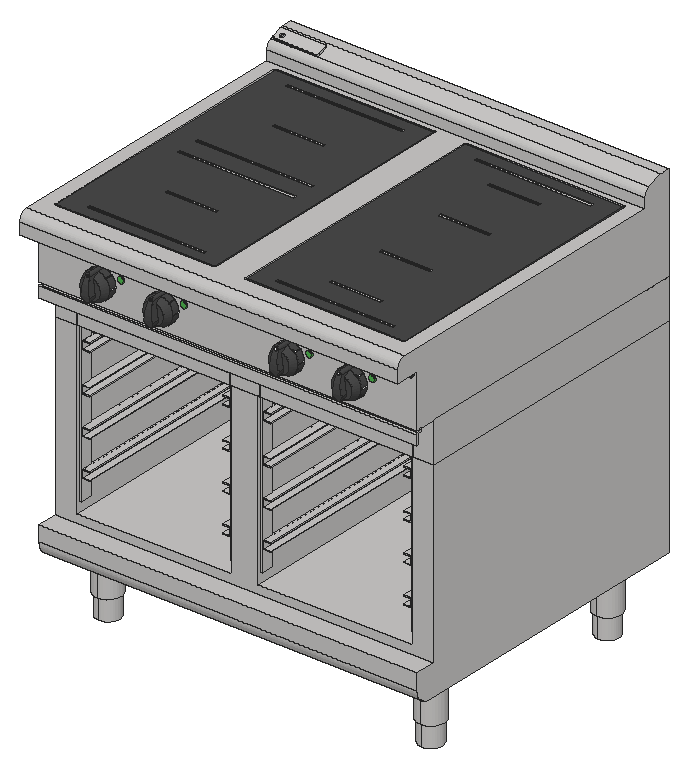
Revit family "QF_Moffat_INL8400R3F-CB_Induction Cooktop_cat", category Specialty Equipment, Revit 2019
Family settings
  Round Connector Dimension = Use Diameter
  Part Type = Normal
  Work Plane-Based = No
  Always vertical = Yes
  Cut with Voids When Loaded = No
  Shared = No
  Room Calculation Point = No
Parameters (values of type "IN511F-B")
  Weight in Kilograms = 105
  Watts = 14 W
  Volts = 400 V
  URL Cutsheet = ""
  Specification by User = ""
  Specification by Manufacturer = ""
  Show Logo [instance] = yes
  Serial Number = ""
  Seismic Rating = ""
  SMACNA No = ""
  Revision Code = ""
  Phase = 3
  Number of Poles = 1
  NAFEM Spec ID Number = ""
  Model = "INL8400R3F-CB"
  Min Ckt Ampacity = 0 A
  Max Overcurrent Protection = 0 A
  Masterspec = ""
  Manufacturer = "Moffat"
  Length = 900 mm
  Item Number = ""
  Installed By = ""
  Identify Quantity as Lot = yes
  Height = 970 mm
  HP = ""
  Furnished By = ""
  Foodservice Equipment Identifier = yes
  FL Amps = 24 A
  Electrical Remarks = ""
  Electric Connection Type = ""
  Elec Conn RI Height = 0 mm
  Elec Conn Connection Height = 0 mm
  Description = "Induction Cooktop"
  Depth = 805 mm
  Cycle = 50 Hz
  Conn Plug = ""
  Conn Conduit = yes
  CSI MasterFormat = ""
  Apparent Power = if(Phase = 3, Volts * FL Amps * 1.73, Volts * FL Amps)  # 16608 VA
Reference planes
  plane 1 "BACK": y = 0
  plane 2: z = 0
  plane 3 "LEFT": x = 0
  plane 4 "RIGHT": x = 900
  plane 5 "FRONT": y = -805
  plane 6 "TOP": z = 970
  plane 7 "Center Y": x = 450
  plane 8 "Center X": y = -402.5
  plane 9: x = 65.5
  plane 10: x = 834.5
  plane 11: y = -30
  plane 12: z = 150
  plane 13: y = -100
  plane 14: y = -625
  plane 15: y = -70
  plane 16: z = 915
  plane 17: x = 770
Forms (mm)
  Extrusion 1, solid, material "QF_Metal_Stainless_Polished"
    sketch origin (0, 0, 560) x (0, 1, 0) y (0, 0, 1)
      loop
        line (0, 180) -> (0, 410) -> (-24.305, 410) -> (-57.632, 395.853)
        arc (-57.632, 395.853) -> (-66.628, 388.372) -> (-70, 377.167) r 20.3
        line (-70, 377.167) -> (-70, 355) -> (-784.417, 355)
        arc (-784.417, 355) -> (-798.971, 348.971) -> (-805, 334.417) r 20.583
        line (-805, 334.417) -> (-805, 305) -> (-749, 305) -> (-749, 180) -> (0, 180)
    from 0 to 900
  Extrusion 2, void
    sketch origin (0, -784.171, 915) x (0, 1, 0) y (-1, 0, 0)
      loop
        arc (699.341, -37.323) -> (697.584, -33.08) -> (693.341, -31.323) r 6
        line (693.341, -31.323) -> (45.245, -31.323)
        arc (45.245, -31.323) -> (41.002, -33.08) -> (39.245, -37.323) r 6
        line (39.245, -37.323) -> (39.245, -410.105)
        arc (39.245, -410.105) -> (41.002, -414.347) -> (45.245, -416.105) r 6
        line (45.245, -416.105) -> (693.341, -416.105)
        arc (693.341, -416.105) -> (697.584, -414.347) -> (699.341, -410.105) r 6
        line (699.341, -410.105) -> (699.341, -37.323)
      loop
        line (699.341, -862.677) -> (699.341, -489.895)
        arc (699.341, -489.895) -> (697.584, -485.653) -> (693.341, -483.895) r 6
        line (693.341, -483.895) -> (45.245, -483.895)
        arc (45.245, -483.895) -> (41.002, -485.653) -> (39.245, -489.895) r 6
        line (39.245, -489.895) -> (39.245, -862.677)
        arc (39.245, -862.677) -> (41.002, -866.92) -> (45.245, -868.677) r 6
        line (45.245, -868.677) -> (693.341, -868.677)
        arc (693.341, -868.677) -> (697.584, -866.92) -> (699.341, -862.677) r 6
    from 0 to -9.5
  Extrusion 3, solid, material "QF_Plastic_Black_Smooth"
    sketch origin (0, -784.171, 915) x (0, 1, 0) y (-1, 0, 0)
      loop
        line (695.341, -410.105) -> (695.341, -37.323)
        arc (695.341, -37.323) -> (694.755, -35.908) -> (693.341, -35.323) r 2
        line (693.341, -35.323) -> (45.245, -35.323)
        arc (45.245, -35.323) -> (43.831, -35.908) -> (43.245, -37.323) r 2
        line (43.245, -37.323) -> (43.245, -410.105)
        arc (43.245, -410.105) -> (43.831, -411.519) -> (45.245, -412.105) r 2
        line (45.245, -412.105) -> (693.341, -412.105)
        arc (693.341, -412.105) -> (694.755, -411.519) -> (695.341, -410.105) r 2
      loop
        line (667.194, -86.598) -> (661.194, -86.598) -> (661.194, -363.75) -> (667.194, -363.75) -> (667.194, -86.598)
      loop
        line (526.611, -163.924) -> (526.611, -283.924) -> (532.611, -283.924) -> (532.611, -163.924) -> (526.611, -163.924)
      loop
        line (398.444, -86.598) -> (392.444, -86.598) -> (392.444, -363.75) -> (398.444, -363.75) -> (398.444, -86.598)
      loop
        line (345.944, -86.598) -> (339.944, -86.598) -> (339.944, -363.75) -> (345.944, -363.75) -> (345.944, -86.598)
      loop
        line (206.611, -163.924) -> (206.611, -283.924) -> (212.611, -283.924) -> (212.611, -163.924) -> (206.611, -163.924)
      loop
        line (77.194, -86.598) -> (71.194, -86.598) -> (71.194, -363.75) -> (77.194, -363.75) -> (77.194, -86.598)
      loop
        arc (695.341, -489.895) -> (694.755, -488.481) -> (693.341, -487.895) r 2
        line (693.341, -487.895) -> (45.245, -487.895)
        arc (45.245, -487.895) -> (43.831, -488.481) -> (43.245, -489.895) r 2
        line (43.245, -489.895) -> (43.245, -862.677)
        arc (43.245, -862.677) -> (43.831, -864.092) -> (45.245, -864.677) r 2
        line (45.245, -864.677) -> (693.341, -864.677)
        arc (693.341, -864.677) -> (694.755, -864.092) -> (695.341, -862.677) r 2
        line (695.341, -862.677) -> (695.341, -489.895)
      loop
        line (667.194, -813.402) -> (667.194, -536.25) -> (661.194, -536.25) -> (661.194, -813.402) -> (667.194, -813.402)
      loop
        line (601.611, -736.076) -> (607.611, -736.076) -> (607.611, -616.076) -> (601.611, -616.076) -> (601.611, -736.076)
      loop
        line (279.111, -736.076) -> (285.111, -736.076) -> (285.111, -616.076) -> (279.111, -616.076) -> (279.111, -736.076)
      loop
        line (77.194, -813.402) -> (77.194, -536.25) -> (71.194, -536.25) -> (71.194, -813.402) -> (77.194, -813.402)
      loop
        line (454.501, -736.076) -> (460.501, -736.076) -> (460.501, -616.076) -> (454.501, -616.076) -> (454.501, -736.076)
      loop
        line (131.211, -736.076) -> (137.211, -736.076) -> (137.211, -616.076) -> (131.211, -616.076) -> (131.211, -736.076)
    from 0 to -9.5
  Extrusion 4, solid, material "QF_Metal_Stainless_Polished"
    sketch origin (0, 0, 600) x (0, 1, 0) y (0, 0, 1)
      loop
        line (-739.467, 140) -> (-738.192, 134.838)
        arc (-738.192, 134.838) -> (-738.307, 134.302) -> (-738.799, 134.063) r 0.625
        line (-738.799, 134.063) -> (-746.111, 134.063)
        arc (-746.111, 134.063) -> (-748.011, 133.276) -> (-748.797, 131.377) r 2.686
        line (-748.797, 131.377) -> (-748.797, 107.627) -> (-747.197, 107.627) -> (-747.197, 131.242)
        arc (-747.197, 131.242) -> (-746.84, 132.105) -> (-745.976, 132.463) r 1.221
        line (-745.976, 132.463) -> (-738.755, 132.463)
        arc (-738.755, 132.463) -> (-737.028, 133.304) -> (-736.625, 135.182) r 2.194
        line (-736.625, 135.182) -> (-737.815, 140) -> (-739.467, 140)
    from 0 to 900
  Extrusion 5, solid, material "QF_Plastic_Black_Smooth"
    sketch origin (0, -749, 741.875) x (0, 0, 1) y (-1, 0, 0)
      loop
        circle (112.843, -13.157) r 5
      loop
        circle (112.843, -886.843) r 5
    from 0 to 1.6
  Extrusion 6, solid, material "QF_Metal_Stainless_Polished"
    sketch origin (450, -699, 645) x (0, 1, 0) y (1, 0, 0)
      loop
        circle (669, 320) r 6.35
    from 0 to 10
  Extrusion 7, solid, material "QF_Metal_Stainless_Polished"
    sketch origin (0, -699, 645) x (1, 0, 0) y (0, -1, 0)
      loop
        line (0, -699) -> (900, -699) -> (900, 0) -> (849.2, 0) -> (849.2, -25.4) -> (485.8, -25.4) -> (485.8, 0) -> (414.2, 0) -> (414.2, -25.4) -> (50.8, -25.4) -> (50.8, 0) -> (0, 0) -> (0, -699)
    from 0 to -95
  Extrusion 8, solid, material "QF_Metal_Stainless_Polished"
    sketch origin (50.8, -30, 645) x (0, 1, 0) y (0, 0, 1)
      loop
        line (-669, 0) -> (-643.6, 0) -> (-643.6, 26.45) -> (-669, 26.45) -> (-669, 0)
      loop
        line (-669, 32.45) -> (-643.6, 32.45) -> (-643.6, 66.4) -> (-669, 66.4) -> (-669, 32.45)
      loop
        line (-669, 67.4) -> (-643.6, 67.4) -> (-643.6, 95) -> (-669, 95) -> (-669, 67.4)
    from 0 to 363.4
  Extrusion 9, solid, material "QF_Metal_Stainless_Polished"
    sketch origin (900, 0, 560) x (-1, 0, 0) y (0, -1, 0)
      loop
        line (536.25, 122.976) -> (536.25, 116.976) -> (813.402, 116.976) -> (813.402, 122.976) -> (536.25, 122.976)
      loop
        line (736.076, 251.56) -> (736.076, 257.56) -> (616.076, 257.56) -> (616.076, 251.56) -> (736.076, 251.56)
      loop
        line (813.402, 385.726) -> (813.402, 391.726) -> (536.25, 391.726) -> (536.25, 385.726) -> (813.402, 385.726)
      loop
        line (813.402, 438.226) -> (813.402, 444.226) -> (536.25, 444.226) -> (536.25, 438.226) -> (813.402, 438.226)
      loop
        line (736.076, 571.56) -> (736.076, 577.56) -> (616.076, 577.56) -> (616.076, 571.56) -> (736.076, 571.56)
      loop
        line (536.25, 712.976) -> (536.25, 706.976) -> (813.402, 706.976) -> (813.402, 712.976) -> (536.25, 712.976)
      loop
        line (86.598, 712.976) -> (86.598, 706.976) -> (363.75, 706.976) -> (363.75, 712.976) -> (86.598, 712.976)
      loop
        line (163.924, 652.959) -> (163.924, 646.959) -> (283.924, 646.959) -> (283.924, 652.959) -> (163.924, 652.959)
      loop
        line (163.924, 505.06) -> (163.924, 499.06) -> (283.924, 499.06) -> (283.924, 505.06) -> (163.924, 505.06)
      loop
        line (163.924, 329.669) -> (163.924, 323.669) -> (283.924, 323.669) -> (283.924, 329.669) -> (163.924, 329.669)
      loop
        line (163.924, 182.56) -> (163.924, 176.56) -> (283.924, 176.56) -> (283.924, 182.56) -> (163.924, 182.56)
      loop
        line (86.598, 122.976) -> (86.598, 116.976) -> (363.75, 116.976) -> (363.75, 122.976) -> (86.598, 122.976)
    from 355 to 345.5
  Extrusion 10, solid, material "QF_Paint_Green"
    sketch origin (63.231, -748.999, 713.75) x (0, 0, 1) y (-1, 0, 0)
      loop
        circle (100.3, -282.5) r 7.15
    from 0 to 1.6
  Extrusion 11, solid, material "QF_Plastic_Black_Smooth"
    sketch origin (75, -748.999, 725.625) x (0, 0, 1) y (-1, 0, 0)
      loop
        circle (112.843, -225) r 5
    from 0 to 1.6
  Extrusion 12, solid, material "QF_Paint_Green"
    sketch origin (-86.769, -748.999, 713.75) x (0, 0, 1) y (-1, 0, 0)
      loop
        circle (100.3, -282.5) r 7.15
    from 0 to 1.6
  Extrusion 13, solid, material "QF_Plastic_Black_Smooth"
    sketch origin (-75, -748.999, 725.625) x (0, 0, 1) y (-1, 0, 0)
      loop
        circle (112.843, -225) r 5
    from 0 to 1.6
  Extrusion 14, solid, material "QF_Paint_Green"
    sketch origin (511.981, -748.999, 713.75) x (0, 0, 1) y (-1, 0, 0)
      loop
        circle (100.3, -282.5) r 7.15
    from 0 to 1.6
  Extrusion 15, solid, material "QF_Plastic_Black_Smooth"
    sketch origin (523.75, -748.999, 725.625) x (0, 0, 1) y (-1, 0, 0)
      loop
        circle (112.843, -225) r 5
    from 0 to 1.6
  Extrusion 16, solid, material "QF_Paint_Green"
    sketch origin (361.981, -748.999, 713.75) x (0, 0, 1) y (-1, 0, 0)
      loop
        circle (100.3, -282.5) r 7.15
    from 0 to 1.6
  Extrusion 17, solid, material "QF_Plastic_Black_Smooth"
    sketch origin (373.75, -748.999, 725.625) x (0, 0, 1) y (-1, 0, 0)
      loop
        circle (112.843, -225) r 5
    from 0 to 1.6
  Extrusion 18, solid, material "QF_Metal_Stainless_Polished"
    sketch origin (849.2, -30, 645) x (0, 1, 0) y (0, 0, -1)
      loop
        line (-669, 0) -> (-669, -26.45) -> (-643.6, -26.45) -> (-643.6, 0) -> (-669, 0)
      loop
        line (-669, -32.45) -> (-669, -66.4) -> (-643.6, -66.4) -> (-643.6, -32.45) -> (-669, -32.45)
      loop
        line (-669, -67.4) -> (-669, -95) -> (-643.6, -95) -> (-643.6, -67.4) -> (-669, -67.4)
    from 0 to 363.4
Cuts and joins
  Extrusion 2 cuts Extrusion 1
Lines and regions (mm)
  symbolic lines
    curve 1: line (0, 0, 0) -> (900, 0, 0)
    curve 2: line (0, -805, 0) -> (0, 0, 0)
    curve 3: line (900, -805, 0) -> (0, -805, 0)
    curve 4: line (900, 0, 0) -> (900, -805, 0)
    curve 5: line (0, -18.182, 0) -> (900, -18.182, 0)
    curve 6: line (0, -70, 0) -> (450, -70, 0)
    curve 7: line (37.323, -84.83, 0) -> (410.105, -84.83, 0)
    curve 8: arc (410.105, -84.83, 0) -> (414.347, -86.587, 0) -> (416.105, -90.83, 0) r 6
    curve 9: line (416.105, -90.83, 0) -> (416.105, -738.926, 0)
    curve 10: arc (416.105, -738.926, 0) -> (414.347, -743.168, 0) -> (410.105, -744.926, 0) r 6
    curve 11: line (410.105, -744.926, 0) -> (37.323, -744.926, 0)
    curve 12: arc (37.323, -744.926, 0) -> (33.08, -743.168, 0) -> (31.323, -738.926, 0) r 6
    curve 13: line (31.323, -738.926, 0) -> (31.323, -90.83, 0)
    curve 14: arc (31.323, -90.83, 0) -> (33.08, -86.587, 0) -> (37.323, -84.83, 0) r 6
    curve 15: line (410.105, -88.83, 0) -> (37.323, -88.83, 0)
    curve 16: arc (37.323, -88.83, 0) -> (35.908, -89.415, 0) -> (35.323, -90.83, 0) r 2
    curve 17: line (35.323, -90.83, 0) -> (35.323, -738.926, 0)
    curve 18: arc (35.323, -738.926, 0) -> (35.908, -740.34, 0) -> (37.323, -740.926, 0) r 2
    curve 19: line (37.323, -740.926, 0) -> (410.105, -740.926, 0)
    curve 20: arc (410.105, -740.926, 0) -> (411.519, -740.34, 0) -> (412.105, -738.926, 0) r 2
    curve 21: line (412.105, -738.926, 0) -> (412.105, -90.83, 0)
    curve 22: arc (412.105, -90.83, 0) -> (411.519, -89.415, 0) -> (410.105, -88.83, 0) r 2
    curve 23: line (416.105, -738.926, 0) -> (416.105, -90.83, 0)
    curve 24: line (412.105, -90.83, 0) -> (412.105, -738.926, 0)
    curve 25: line (862.677, -84.83, 0) -> (489.895, -84.83, 0)
    curve 26: arc (489.895, -84.83, 0) -> (485.653, -86.587, 0) -> (483.895, -90.83, 0) r 6
    curve 27: arc (483.895, -738.926, 0) -> (485.653, -743.168, 0) -> (489.895, -744.926, 0) r 6
    curve 28: line (489.895, -744.926, 0) -> (862.677, -744.926, 0)
    curve 29: arc (862.677, -744.926, 0) -> (866.92, -743.168, 0) -> (868.677, -738.926, 0) r 6
    curve 30: line (868.677, -738.926, 0) -> (868.677, -90.83, 0)
    curve 31: arc (868.677, -90.83, 0) -> (866.92, -86.587, 0) -> (862.677, -84.83, 0) r 6
    curve 32: line (489.895, -88.83, 0) -> (862.677, -88.83, 0)
    curve 33: arc (862.677, -88.83, 0) -> (864.092, -89.415, 0) -> (864.677, -90.83, 0) r 2
    curve 34: line (864.677, -90.83, 0) -> (864.677, -738.926, 0)
    curve 35: arc (864.677, -738.926, 0) -> (864.092, -740.34, 0) -> (862.677, -740.926, 0) r 2
    curve 36: line (862.677, -740.926, 0) -> (489.895, -740.926, 0)
    curve 37: arc (489.895, -740.926, 0) -> (488.481, -740.34, 0) -> (487.895, -738.926, 0) r 2
    curve 38: arc (487.895, -90.83, 0) -> (488.481, -89.415, 0) -> (489.895, -88.83, 0) r 2
    curve 39: line (487.895, -90.83, 0) -> (487.895, -738.926, 0)
    curve 40: arc (487.895, -738.926, 0) -> (488.481, -740.34, 0) -> (489.895, -740.926, 0) r 2
    curve 41: line (489.895, -740.926, 0) -> (862.677, -740.926, 0)
    curve 42: arc (862.677, -740.926, 0) -> (864.092, -740.34, 0) -> (864.677, -738.926, 0) r 2
    curve 43: line (864.677, -738.926, 0) -> (864.677, -90.83, 0)
    curve 44: arc (864.677, -90.83, 0) -> (864.092, -89.415, 0) -> (862.677, -88.83, 0) r 2
    curve 45: line (862.677, -88.83, 0) -> (489.895, -88.83, 0)
    curve 46: arc (489.895, -88.83, 0) -> (488.481, -89.415, 0) -> (487.895, -90.83, 0) r 2
    curve 47: line (483.895, -90.83, 0) -> (483.895, -738.926, 0)
    curve 48: arc (483.895, -738.926, 0) -> (485.653, -743.168, 0) -> (489.895, -744.926, 0) r 6
    curve 49: line (489.895, -744.926, 0) -> (862.677, -744.926, 0)
    curve 50: arc (862.677, -744.926, 0) -> (866.92, -743.168, 0) -> (868.677, -738.926, 0) r 6
    curve 51: line (868.677, -738.926, 0) -> (868.677, -90.83, 0)
    curve 52: arc (868.677, -90.83, 0) -> (866.92, -86.587, 0) -> (862.677, -84.83, 0) r 6
    curve 53: line (862.677, -84.83, 0) -> (489.895, -84.83, 0)
    curve 54: arc (489.895, -84.83, 0) -> (485.653, -86.587, 0) -> (483.895, -90.83, 0) r 6
    curve 55: line (86.598, -122.976, 0) -> (363.75, -122.976, 0)
    curve 56: line (363.75, -122.976, 0) -> (363.75, -116.976, 0)
    curve 57: line (363.75, -116.976, 0) -> (86.598, -116.976, 0)
    curve 58: line (86.598, -116.976, 0) -> (86.598, -122.976, 0)
    curve 59: line (283.924, -251.56, 0) -> (163.924, -251.56, 0)
    curve 60: line (163.924, -251.56, 0) -> (163.924, -257.56, 0)
    curve 61: line (163.924, -257.56, 0) -> (283.924, -257.56, 0)
    curve 62: line (283.924, -257.56, 0) -> (283.924, -251.56, 0)
    curve 63: line (536.25, -122.976, 0) -> (813.402, -122.976, 0)
    curve 64: line (813.402, -122.976, 0) -> (813.402, -116.976, 0)
    curve 65: line (813.402, -116.976, 0) -> (536.25, -116.976, 0)
    curve 66: line (536.25, -116.976, 0) -> (536.25, -122.976, 0)
    curve 67: line (736.076, -176.56, 0) -> (616.076, -176.56, 0)
    curve 68: line (616.076, -176.56, 0) -> (616.076, -182.56, 0)
    curve 69: line (616.076, -182.56, 0) -> (736.076, -182.56, 0)
    curve 70: line (736.076, -182.56, 0) -> (736.076, -176.56, 0)
    curve 71: line (736.076, -323.669, 0) -> (616.076, -323.669, 0)
    curve 72: line (616.076, -323.669, 0) -> (616.076, -329.669, 0)
    curve 73: line (616.076, -329.669, 0) -> (736.076, -329.669, 0)
    curve 74: line (736.076, -329.669, 0) -> (736.076, -323.669, 0)
    curve 75: line (736.076, -499.06, 0) -> (616.076, -499.06, 0)
    curve 76: line (616.076, -499.06, 0) -> (616.076, -505.06, 0)
    curve 77: line (616.076, -505.06, 0) -> (736.076, -505.06, 0)
    curve 78: line (736.076, -505.06, 0) -> (736.076, -499.06, 0)
    curve 79: line (736.076, -646.959, 0) -> (616.076, -646.959, 0)
    curve 80: line (616.076, -646.959, 0) -> (616.076, -652.959, 0)
    curve 81: line (616.076, -652.959, 0) -> (736.076, -652.959, 0)
    curve 82: line (736.076, -652.959, 0) -> (736.076, -646.959, 0)
    curve 83: line (813.402, -706.976, 0) -> (536.25, -706.976, 0)
    curve 84: line (536.25, -706.976, 0) -> (536.25, -712.976, 0)
    curve 85: line (536.25, -712.976, 0) -> (813.402, -712.976, 0)
    curve 86: line (813.402, -712.976, 0) -> (813.402, -706.976, 0)
    curve 87: line (86.598, -712.976, 0) -> (363.75, -712.976, 0)
    curve 88: line (363.75, -712.976, 0) -> (363.75, -706.976, 0)
    curve 89: line (363.75, -706.976, 0) -> (86.598, -706.976, 0)
    curve 90: line (86.598, -706.976, 0) -> (86.598, -712.976, 0)
    curve 91: line (283.924, -577.56, 0) -> (163.924, -577.56, 0)
    curve 92: line (163.924, -577.56, 0) -> (163.924, -571.56, 0)
    curve 93: line (163.924, -571.56, 0) -> (283.924, -571.56, 0)
    curve 94: line (283.924, -571.56, 0) -> (283.924, -577.56, 0)
    curve 95: line (86.598, -444.226, 0) -> (363.75, -444.226, 0)
    curve 96: line (363.75, -444.226, 0) -> (363.75, -438.226, 0)
    curve 97: line (363.75, -438.226, 0) -> (86.598, -438.226, 0)
    curve 98: line (86.598, -438.226, 0) -> (86.598, -444.226, 0)
    curve 99: line (86.598, -391.726, 0) -> (363.75, -391.726, 0)
    curve 100: line (363.75, -391.726, 0) -> (363.75, -385.726, 0)
    curve 101: line (363.75, -385.726, 0) -> (86.598, -385.726, 0)
    curve 102: line (86.598, -385.726, 0) -> (86.598, -391.726, 0)
    curve 103: line (0, 0, 560) -> (900, 0, 560)
    curve 104: line (0, -805, 560) -> (0, 0, 560)
    curve 105: line (900, -805, 560) -> (0, -805, 560)
    curve 106: line (900, 0, 560) -> (900, -805, 560)
    curve 107: line (0, -18.182, 560) -> (900, -18.182, 560)
    curve 108: line (0, -70, 560) -> (900, -70, 560)
    curve 109: line (416.105, -90.83, 560) -> (416.105, -738.926, 560)
    curve 110: line (412.105, -738.926, 560) -> (412.105, -90.83, 560)
    curve 111: line (416.105, -738.926, 560) -> (416.105, -90.83, 560)
    curve 112: line (412.105, -90.83, 560) -> (412.105, -738.926, 560)
    curve 113: line (862.677, -84.83, 560) -> (489.895, -84.83, 560)
    curve 114: arc (483.895, -738.926, 560) -> (485.653, -743.168, 560) -> (489.895, -744.926, 560) r 6
    curve 115: line (489.895, -744.926, 560) -> (862.677, -744.926, 560)
    curve 116: arc (862.677, -744.926, 560) -> (866.92, -743.168, 560) -> (868.677, -738.926, 560) r 6
    curve 117: arc (864.677, -738.926, 560) -> (864.092, -740.34, 560) -> (862.677, -740.926, 560) r 2
    curve 118: line (862.677, -740.926, 560) -> (489.895, -740.926, 560)
    curve 119: arc (489.895, -740.926, 560) -> (488.481, -740.34, 560) -> (487.895, -738.926, 560) r 2
    curve 120: arc (487.895, -738.926, 560) -> (488.481, -740.34, 560) -> (489.895, -740.926, 560) r 2
    curve 121: line (489.895, -740.926, 560) -> (862.677, -740.926, 560)
    curve 122: arc (862.677, -740.926, 560) -> (864.092, -740.34, 560) -> (864.677, -738.926, 560) r 2
    curve 123: arc (483.895, -738.926, 560) -> (485.653, -743.168, 560) -> (489.895, -744.926, 560) r 6
    curve 124: line (489.895, -744.926, 560) -> (862.677, -744.926, 560)
    curve 125: arc (862.677, -744.926, 560) -> (866.92, -743.168, 560) -> (868.677, -738.926, 560) r 6
    curve 126: line (86.598, -122.976, 560) -> (363.75, -122.976, 560)
    curve 127: line (363.75, -122.976, 560) -> (363.75, -116.976, 560)
    curve 128: line (363.75, -116.976, 560) -> (86.598, -116.976, 560)
    curve 129: line (86.598, -116.976, 560) -> (86.598, -122.976, 560)
    curve 130: line (283.924, -251.56, 560) -> (163.924, -251.56, 560)
    curve 131: line (163.924, -251.56, 560) -> (163.924, -257.56, 560)
    curve 132: line (163.924, -257.56, 560) -> (283.924, -257.56, 560)
    curve 133: line (283.924, -257.56, 560) -> (283.924, -251.56, 560)
    curve 134: line (536.25, -122.976, 560) -> (813.402, -122.976, 560)
    curve 135: line (813.402, -122.976, 560) -> (813.402, -116.976, 560)
    curve 136: line (813.402, -116.976, 560) -> (536.25, -116.976, 560)
    curve 137: line (536.25, -116.976, 560) -> (536.25, -122.976, 560)
    curve 138: line (736.076, -176.56, 560) -> (616.076, -176.56, 560)
    curve 139: line (616.076, -176.56, 560) -> (616.076, -182.56, 560)
    curve 140: line (616.076, -182.56, 560) -> (736.076, -182.56, 560)
    curve 141: line (736.076, -182.56, 560) -> (736.076, -176.56, 560)
    curve 142: line (736.076, -323.669, 560) -> (616.076, -323.669, 560)
    curve 143: line (616.076, -323.669, 560) -> (616.076, -329.669, 560)
    curve 144: line (616.076, -329.669, 560) -> (736.076, -329.669, 560)
    curve 145: line (736.076, -329.669, 560) -> (736.076, -323.669, 560)
    curve 146: line (736.076, -499.06, 560) -> (616.076, -499.06, 560)
    curve 147: line (616.076, -499.06, 560) -> (616.076, -505.06, 560)
    curve 148: line (616.076, -505.06, 560) -> (736.076, -505.06, 560)
    curve 149: line (736.076, -505.06, 560) -> (736.076, -499.06, 560)
    curve 150: line (736.076, -646.959, 560) -> (616.076, -646.959, 560)
    curve 151: line (616.076, -646.959, 560) -> (616.076, -652.959, 560)
    curve 152: line (616.076, -652.959, 560) -> (736.076, -652.959, 560)
    curve 153: line (736.076, -652.959, 560) -> (736.076, -646.959, 560)
    curve 154: line (813.402, -706.976, 560) -> (536.25, -706.976, 560)
    curve 155: line (536.25, -706.976, 560) -> (536.25, -712.976, 560)
    curve 156: line (536.25, -712.976, 560) -> (813.402, -712.976, 560)
    curve 157: line (813.402, -712.976, 560) -> (813.402, -706.976, 560)
    curve 158: line (86.598, -712.976, 560) -> (363.75, -712.976, 560)
    curve 159: line (363.75, -712.976, 560) -> (363.75, -706.976, 560)
    curve 160: line (363.75, -706.976, 560) -> (86.598, -706.976, 560)
    curve 161: line (86.598, -706.976, 560) -> (86.598, -712.976, 560)
    curve 162: line (283.924, -577.56, 560) -> (163.924, -577.56, 560)
    curve 163: line (163.924, -577.56, 560) -> (163.924, -571.56, 560)
    curve 164: line (163.924, -571.56, 560) -> (283.924, -571.56, 560)
    curve 165: line (283.924, -571.56, 560) -> (283.924, -577.56, 560)
    curve 166: line (86.598, -444.226, 560) -> (363.75, -444.226, 560)
    curve 167: line (363.75, -444.226, 560) -> (363.75, -438.226, 560)
    curve 168: line (363.75, -438.226, 560) -> (86.598, -438.226, 560)
    curve 169: line (86.598, -438.226, 560) -> (86.598, -444.226, 560)
    curve 170: line (86.598, -391.726, 560) -> (363.75, -391.726, 560)
    curve 171: line (363.75, -391.726, 560) -> (363.75, -385.726, 560)
    curve 172: line (363.75, -385.726, 560) -> (86.598, -385.726, 560)
    curve 173: line (86.598, -385.726, 560) -> (86.598, -391.726, 560)
Dimensions and locks
  equal spacing: plane 3 "LEFT", plane 7 "Center Y", plane 4 "RIGHT"
  "Length": plane 3 "LEFT" to plane 4 "RIGHT"
  equal spacing: plane 5 "FRONT", plane 8 "Center X", plane 1 "BACK"
  "Depth": plane 5 "FRONT" to plane 1 "BACK"
  "Height": plane 6 "TOP" to level
  plane 9 to plane 10 = 769 mm
  plane 4 "RIGHT" to plane 3 "LEFT" = 900 mm
  plane 6 "TOP" to plane 2 = 970 mm
  plane 1 "BACK" to plane 11 = 30 mm
  plane 1 "BACK" to plane 13 to plane 14 = 100 mm, 525 mm
  plane 1 "BACK" to plane 15 = 70 mm
  plane 16 to level = 915 mm  (x2)
  level to plane 12 = 150 mm
  plane 12 to level = 150 mm
  plane 4 "RIGHT" to plane 17 = 130 mm
  plane 1 "BACK" to plane 5 "FRONT" = 805 mm
  locked: plane 10 to plane 4 "RIGHT" at 65.5
  aligned and locked: level to plane 2
  aligned and locked: Extrusion 18 to Extrusion 7  (x2)
Automatic sketch dimensions
  curve 8 to curve 22 = 0 mm  (x2)
  curve 10 to curve 20 = 0 mm  (x2)
  curve 12 to curve 18 = 0 mm  (x2)
  curve 14 to curve 16 = 0 mm  (x2)
  curve 26 to curve 38 = 0 mm  (x2)
  curve 26 to curve 46 = 0 mm  (x2)
  curve 26 to curve 54 = 0 mm  (x2)
  curve 27 to curve 37 = 0 mm  (x2)
  curve 27 to curve 40 = 0 mm  (x2)
  curve 27 to curve 48 = 0 mm  (x2)
  curve 29 to curve 35 = 0 mm  (x2)
  curve 29 to curve 42 = 0 mm  (x2)
  curve 29 to curve 50 = 0 mm  (x2)
  curve 31 to curve 33 = 0 mm  (x2)
  curve 31 to curve 44 = 0 mm  (x2)
  curve 31 to curve 52 = 0 mm  (x2)
  curve 33 to curve 44 = 0 mm  (x2)
  curve 33 to curve 52 = 0 mm  (x2)
  curve 35 to curve 42 = 0 mm  (x2)
  curve 35 to curve 50 = 0 mm  (x2)
  curve 37 to curve 40 = 0 mm  (x2)
  curve 37 to curve 48 = 0 mm  (x2)
  curve 38 to curve 46 = 0 mm  (x2)
  curve 38 to curve 54 = 0 mm  (x2)
  curve 40 to curve 48 = 0 mm  (x2)
  curve 42 to curve 50 = 0 mm  (x2)
  curve 44 to curve 52 = 0 mm  (x2)
  curve 46 to curve 54 = 0 mm  (x2)
  plane 1 "BACK" to curve 1 = 0 mm
  curve 1 to plane 3 "LEFT" = 0 mm
  curve 6 to plane 7 "Center Y" = 0 mm
  curve 5 to plane 4 "RIGHT" = 0 mm
  plane 5 "FRONT" to curve 3 = 0 mm
  plane 15 to curve 6 = 0 mm
  plane 3 "LEFT" to curve 13 = 31.323 mm
  curve 13 to curve 17 = 4 mm
  curve 17 to curve 16 = 2 mm
  curve 17 to curve 18 = 2 mm
  curve 102 to plane 9 = 21.098 mm
  curve 57 to plane 9 = 21.098 mm
  curve 87 to plane 9 = 21.098 mm
  curve 95 to plane 9 = 21.098 mm
  curve 91 to plane 14 = 47.44 mm
  curve 91 to plane 9 = 98.424 mm
  curve 60 to plane 9 = 98.424 mm
  curve 60 to curve 61 = 120 mm
  curve 93 to plane 14 = 53.44 mm
  curve 92 to curve 93 = 120 mm
  curve 96 to plane 8 "Center X" = 41.726 mm
  curve 96 to plane 7 "Center Y" = 86.25 mm
  plane 8 "Center X" to curve 99 = 10.774 mm
  curve 99 to curve 96 = 0 mm
  plane 13 to curve 56 = 16.976 mm
  curve 56 to plane 7 "Center Y" = 86.25 mm
  curve 89 to plane 7 "Center Y" = 86.25 mm
  curve 8 to plane 13 = 9.17 mm
  curve 8 to plane 7 "Center Y" = 39.895 mm
  curve 10 to plane 7 "Center Y" = 39.895 mm
  curve 8 to curve 21 = 2 mm
  plane 7 "Center Y" to curve 47 = 33.895 mm
  curve 27 to curve 39 = 4 mm
  curve 38 to curve 46 = 2 mm
  curve 37 to curve 36 = 2 mm
  plane 13 to curve 66 = 22.976 mm
  curve 26 to curve 66 = 46.355 mm
  curve 27 to curve 85 = 46.355 mm
  curve 63 to curve 67 = 79.826 mm
  curve 77 to plane 17 = 153.924 mm
  plane 14 to curve 80 = 21.959 mm
  curve 83 to curve 80 = 79.826 mm
  plane 8 "Center X" to curve 73 = 72.831 mm
  curve 73 to curve 68 = 0 mm
  curve 77 to plane 17 = 33.924 mm
  curve 67 to plane 17 = 33.924 mm
  curve 71 to plane 17 = 33.924 mm
  curve 79 to plane 17 = 33.924 mm
  plane 10 to curve 63 = 21.098 mm
  plane 10 to curve 85 = 21.098 mm
  curve 42 to plane 10 = 28.177 mm
  curve 32 to plane 13 = 11.17 mm
  curve 32 to plane 10 = 28.177 mm
  curve 31 to curve 34 = 2 mm
  curve 49 to plane 5 "FRONT" = 60.074 mm
  curve 11 to plane 5 "FRONT" = 60.074 mm
  curve 27 to curve 84 = 25.949 mm
  curve 10 to curve 87 = 25.949 mm
  curve 85 to curve 83 = 6 mm
  curve 87 to curve 90 = 6 mm
  curve 81 to curve 79 = 6 mm
  curve 78 to plane 8 "Center X" = 102.56 mm
  curve 77 to curve 75 = 6 mm
  curve 95 to curve 98 = 6 mm
  curve 99 to curve 100 = 6 mm
  curve 73 to curve 74 = 6 mm
  plane 8 "Center X" to curve 62 = 144.94 mm
  curve 61 to curve 62 = 6 mm
  plane 13 to curve 70 = 82.56 mm
  curve 68 to curve 68 = 6 mm
  curve 58 to curve 57 = 6 mm
  curve 63 to curve 65 = 6 mm
  curve 5 to plane 11 = 11.818 mm
  Extrusion 2 sketch curve to Extrusion 1 = 39.492 mm  (x2)
  Extrusion 2 sketch curve to Extrusion 2 sketch curve = 6 mm  (x6)
  Extrusion 1 to Extrusion 2 sketch curve = 20.83 mm  (x4)
  Extrusion 1 to Extrusion 2 sketch curve = 31.323 mm
  Extrusion 2 sketch curve to Extrusion 2 sketch curve = 372.782 mm
  Extrusion 2 sketch curve to Extrusion 2 sketch curve = 67.791 mm
  Extrusion 1 to Extrusion 2 sketch curve = 37.323 mm
  Extrusion 3 sketch curve to Extrusion 1 = 43.492 mm  (x2)
  Extrusion 3 sketch curve to Extrusion 3 sketch curve = 2 mm  (x6)
  Extrusion 3 sketch curve to Extrusion 3 sketch curve = 25.949 mm  (x2)
  Extrusion 3 sketch curve to Extrusion 3 sketch curve = 6 mm  (x12)
  Extrusion 3 sketch curve to Extrusion 3 sketch curve = 54.017 mm
  Extrusion 3 sketch curve to Extrusion 3 sketch curve = 129.416 mm
  Extrusion 3 sketch curve to Extrusion 3 sketch curve = 141.899 mm
  Extrusion 3 sketch curve to Extrusion 3 sketch curve = 127.334 mm
  Extrusion 3 sketch curve to Extrusion 3 sketch curve = 46.5 mm
  Extrusion 3 sketch curve to Extrusion 3 sketch curve = 169.391 mm
  Extrusion 3 sketch curve to Extrusion 3 sketch curve = 128.166 mm
  Extrusion 1 to Extrusion 3 sketch curve = 112.56 mm
  Extrusion 1 to Extrusion 3 sketch curve = 52.976 mm  (x2)
  Extrusion 1 to Extrusion 3 sketch curve = 20.83 mm  (x4)
  Extrusion 1 to Extrusion 3 sketch curve = 35.323 mm
  Extrusion 3 sketch curve to Extrusion 3 sketch curve = 49.275 mm  (x2)
  Extrusion 3 sketch curve to Extrusion 3 sketch curve = 77.326 mm  (x2)
  Extrusion 1 to Extrusion 3 sketch curve = 163.924 mm
  Extrusion 3 sketch curve to Extrusion 3 sketch curve = 0 mm  (x3)
  Extrusion 3 sketch curve to Extrusion 3 sketch curve = 120 mm  (x6)
  Extrusion 3 sketch curve to Extrusion 3 sketch curve = 79.826 mm  (x4)
  Extrusion 3 sketch curve to Extrusion 3 sketch curve = 46.355 mm  (x3)
  Extrusion 3 sketch curve to Extrusion 3 sketch curve = 75.791 mm
  Extrusion 3 sketch curve to Extrusion 3 sketch curve = 252.326 mm
  Extrusion 1 to Extrusion 3 sketch curve = 86.598 mm  (x3)
  Extrusion 1 to Extrusion 3 sketch curve = 37.323 mm
  Extrusion 4 sketch curve to plane 5 "FRONT" = 56.203 mm
  Extrusion 4 sketch curve to Extrusion 4 sketch curve = 1.6 mm
  Extrusion 4 sketch curve to Extrusion 4 sketch curve = 1.086 mm
  Extrusion 4 sketch curve to Extrusion 4 sketch curve = 0.135 mm  (x2)
  Extrusion 4 sketch curve to Extrusion 4 sketch curve = 6.644 mm
  Extrusion 4 sketch curve to Extrusion 4 sketch curve = 0.668 mm
  Extrusion 4 sketch curve to Extrusion 4 sketch curve = 0.044 mm
  Extrusion 4 sketch curve to Extrusion 4 sketch curve = 0.563 mm
  Extrusion 4 sketch curve to Extrusion 4 sketch curve = 1.652 mm
  Extrusion 4 sketch curve to Extrusion 4 sketch curve = 1.567 mm
  Extrusion 4 sketch curve to plane 16 = 207.373 mm
  Extrusion 4 sketch curve to Extrusion 4 sketch curve = 23.614 mm
  Extrusion 4 sketch curve to Extrusion 4 sketch curve = 0.594 mm
  Extrusion 4 sketch curve to Extrusion 4 sketch curve = 0.032 mm
  Extrusion 4 sketch curve to Extrusion 4 sketch curve = 5.162 mm
  Extrusion 1 to Extrusion 5 sketch curve = 10.282 mm  (x2)
  Extrusion 1 to Extrusion 5 sketch curve = 13.157 mm  (x2)
  Extrusion 7 to Extrusion 6 sketch curve = 30 mm
  Extrusion 6 sketch curve to Extrusion 7 = 79.2 mm
  Extrusion 7 sketch curve to plane 3 "LEFT" = 0 mm
  Extrusion 7 sketch curve to plane 4 "RIGHT" = 0 mm
  plane 1 "BACK" to Extrusion 7 sketch curve = 0 mm
  plane 9 to Extrusion 7 sketch curve = 14.7 mm
  Extrusion 7 sketch curve to plane 7 "Center Y" = 35.8 mm
  plane 7 "Center Y" to Extrusion 7 sketch curve = 35.8 mm
  Extrusion 7 sketch curve to plane 10 = 14.7 mm
  plane 14 to Extrusion 7 sketch curve = 48.6 mm  (x2)
  Extrusion 7 sketch curve to Extrusion 7 sketch curve = 25.4 mm  (x3)
  Extrusion 8 sketch curve to Extrusion 7 = 0 mm  (x8)
  Extrusion 7 to Extrusion 8 sketch curve = 26.45 mm
  Extrusion 8 sketch curve to Extrusion 8 sketch curve = 6 mm
  Extrusion 7 to Extrusion 8 sketch curve = 28.6 mm
  Extrusion 8 sketch curve to Extrusion 8 sketch curve = 1 mm
  Extrusion 9 sketch curve to plane 10 = 21.098 mm  (x2)
  plane 17 to Extrusion 9 sketch curve = 33.924 mm  (x4)
  Extrusion 9 sketch curve to Extrusion 9 sketch curve = 120 mm  (x4)
  Extrusion 9 sketch curve to plane 14 = 21.959 mm
  Extrusion 9 sketch curve to plane 7 "Center Y" = 86.25 mm  (x2)
  Extrusion 9 sketch curve to plane 13 = 16.976 mm
  Extrusion 9 sketch curve to plane 13 = 22.976 mm
  plane 7 "Center Y" to Extrusion 9 sketch curve = 86.25 mm  (x3)
  Extrusion 9 sketch curve to plane 8 "Center X" = 10.774 mm
  Extrusion 9 sketch curve to Extrusion 9 sketch curve = 0 mm
  Extrusion 9 sketch curve to Extrusion 9 sketch curve = 79.826 mm  (x2)
  plane 14 to Extrusion 9 sketch curve = 53.44 mm
  plane 9 to Extrusion 9 sketch curve = 98.424 mm  (x2)
  plane 9 to Extrusion 9 sketch curve = 21.098 mm  (x4)
  Extrusion 9 sketch curve to Extrusion 9 sketch curve = 6 mm  (x12)
  Extrusion 9 sketch curve to plane 14 = 81.976 mm  (x2)
  plane 8 "Center X" to Extrusion 9 sketch curve = 102.56 mm
  plane 8 "Center X" to Extrusion 9 sketch curve = 41.726 mm
  Extrusion 9 sketch curve to plane 8 "Center X" = 72.831 mm
  Extrusion 9 sketch curve to plane 8 "Center X" = 144.94 mm
  Extrusion 9 sketch curve to plane 13 = 82.56 mm
  Extrusion 10 sketch curve to plane 16 = 100.95 mm
  Extrusion 10 sketch curve to plane 7 "Center Y" = 104.269 mm
  Extrusion 11 sketch curve to plane 16 = 76.532 mm
  Extrusion 11 sketch curve to plane 7 "Center Y" = 150 mm
  Extrusion 12 sketch curve to plane 16 = 100.95 mm
  Extrusion 12 sketch curve to plane 9 = 130.231 mm
  Extrusion 13 sketch curve to plane 16 = 76.532 mm
  Extrusion 13 sketch curve to plane 9 = 84.5 mm
  plane 17 to Extrusion 14 sketch curve = 24.481 mm
  Extrusion 14 sketch curve to plane 16 = 100.95 mm
  Extrusion 15 sketch curve to plane 17 = 21.25 mm
  Extrusion 15 sketch curve to plane 16 = 76.532 mm
  Extrusion 16 sketch curve to plane 16 = 100.95 mm
  Extrusion 16 sketch curve to plane 17 = 125.519 mm
  Extrusion 17 sketch curve to plane 16 = 76.532 mm
  plane 7 "Center Y" to Extrusion 17 sketch curve = 148.75 mm
  plane 14 to Extrusion 18 sketch curve = 74 mm
  Extrusion 18 sketch curve to Extrusion 18 sketch curve = 0 mm  (x4)
  Extrusion 18 sketch curve to Extrusion 18 sketch curve = 25.4 mm
  Extrusion 18 sketch curve to plane 16 = 175 mm
  Extrusion 18 sketch curve to Extrusion 18 sketch curve = 27.6 mm
  Extrusion 18 sketch curve to Extrusion 18 sketch curve = 1 mm
  Extrusion 18 sketch curve to Extrusion 18 sketch curve = 33.95 mm
  Extrusion 18 sketch curve to Extrusion 18 sketch curve = 6 mm
  Extrusion 18 sketch curve to Extrusion 18 sketch curve = 26.45 mm
  Extrusion 1 sketch curve to plane 5 "FRONT" = 0 mm
  Extrusion 1 sketch curve to plane 16 = 0 mm
  Extrusion 1 sketch curve to plane 15 = 0 mm
  Extrusion 1 sketch curve to plane 6 "TOP" = 0 mm
  Extrusion 1 sketch curve to plane 1 "BACK" = 0 mm
  Extrusion 1 sketch curve to Extrusion 1 sketch curve = 20.583 mm
  Extrusion 1 sketch curve to plane 5 "FRONT" = 56 mm
  Extrusion 1 sketch curve to plane 15 = 12.368 mm
  plane 11 to Extrusion 1 sketch curve = 19.7 mm
  Extrusion 1 sketch curve to plane 11 = 5.695 mm
  Extrusion 1 sketch curve to Extrusion 1 sketch curve = 29.417 mm
  Extrusion 1 sketch curve to plane 16 = 175 mm
  plane 16 to Extrusion 1 sketch curve = 22.167 mm
  curve 114 to curve 119 = 0 mm
  curve 114 to curve 120 = 0 mm
  curve 116 to curve 117 = 0 mm  (x2)
  plane 1 "BACK" to curve 103 = 0 mm
  curve 103 to plane 3 "LEFT" = 0 mm
  curve 108 to plane 4 "RIGHT" = 0 mm
  plane 5 "FRONT" to curve 105 = 0 mm
  plane 15 to curve 108 = 0 mm
  curve 169 to plane 9 = 21.098 mm
  curve 173 to plane 9 = 21.098 mm
  curve 161 to plane 9 = 21.098 mm
  curve 129 to plane 9 = 21.098 mm
  curve 163 to plane 14 = 47.44 mm
  curve 163 to plane 9 = 98.424 mm
  curve 131 to plane 9 = 98.424 mm
  curve 130 to curve 130 = 120 mm
  curve 164 to plane 14 = 53.44 mm
  curve 163 to curve 164 = 120 mm
  plane 8 "Center X" to curve 171 = 10.774 mm
  curve 171 to plane 7 "Center Y" = 86.25 mm
  plane 13 to curve 127 = 22.976 mm
  curve 127 to plane 7 "Center Y" = 86.25 mm
  curve 160 to plane 7 "Center Y" = 86.25 mm
  curve 166 to curve 170 = 0 mm
  curve 112 to plane 7 "Center Y" = 37.895 mm
  curve 110 to curve 109 = 4 mm
  plane 7 "Center Y" to curve 121 = 39.895 mm
  plane 13 to curve 134 = 22.976 mm
  plane 7 "Center Y" to curve 134 = 86.25 mm
  curve 114 to curve 156 = 46.355 mm
  curve 142 to plane 17 = 153.924 mm
  curve 134 to curve 138 = 79.826 mm
  curve 146 to plane 17 = 153.924 mm
  plane 14 to curve 152 = 27.959 mm
  curve 154 to curve 152 = 79.826 mm
  curve 150 to plane 17 = 33.924 mm
  curve 149 to plane 17 = 33.924 mm
  curve 142 to plane 17 = 33.924 mm
  curve 141 to plane 17 = 33.924 mm
  plane 10 to curve 157 = 21.098 mm
  plane 10 to curve 136 = 21.098 mm
  curve 115 to plane 10 = 28.177 mm
  curve 115 to plane 5 "FRONT" = 60.074 mm
  curve 115 to curve 118 = 4 mm
  curve 118 to curve 122 = 2 mm
  curve 118 to curve 123 = 2 mm
  curve 111 to plane 5 "FRONT" = 66.074 mm
  curve 110 to curve 109 = 0 mm
  plane 14 to curve 161 = 87.976 mm
  curve 116 to curve 157 = 25.949 mm
  curve 156 to curve 154 = 6 mm
  curve 158 to curve 161 = 6 mm
  curve 152 to curve 153 = 6 mm
  curve 148 to plane 8 "Center X" = 102.56 mm
  curve 148 to curve 146 = 6 mm
  curve 169 to plane 8 "Center X" = 41.726 mm
  curve 166 to curve 169 = 6 mm
  curve 170 to curve 172 = 6 mm
  plane 8 "Center X" to curve 143 = 72.831 mm
  curve 143 to curve 143 = 6 mm
  plane 8 "Center X" to curve 131 = 144.94 mm
  curve 132 to curve 130 = 6 mm
  plane 13 to curve 139 = 82.56 mm
  curve 139 to curve 138 = 6 mm
  curve 126 to curve 128 = 6 mm
  curve 134 to curve 135 = 6 mm
  curve 110 to plane 13 = 9.17 mm
  curve 110 to curve 111 = 0 mm
  plane 15 to curve 113 = 14.83 mm
  plane 7 "Center Y" to curve 113 = 39.895 mm
  curve 113 to plane 10 = 28.177 mm
  curve 107 to plane 11 = 11.818 mm
  radius of Extrusion 5 sketch curve = 5 mm  (x2)
  radius of Extrusion 6 sketch curve = 6.35 mm
  radius of Extrusion 10 sketch curve = 7.15 mm
  radius of Extrusion 11 sketch curve = 5 mm
  radius of Extrusion 12 sketch curve = 7.15 mm
  radius of Extrusion 13 sketch curve = 5 mm
  radius of Extrusion 14 sketch curve = 7.15 mm
  radius of Extrusion 15 sketch curve = 5 mm
  radius of Extrusion 16 sketch curve = 7.15 mm
  radius of Extrusion 17 sketch curve = 5 mm
Nested families
  nested 1: "IN8400F-CB_Cabinet base" at (0, 0, 0), type "IN511F-LS"
  nested 2: "Knob" at (267.5, -739.499, 760.75), type "Knob"
  nested 3: "Knob" at (117.5, -739.499, 760.75), type "Knob"
  nested 4: "Knob" at (716.25, -739.499, 760.75), type "Knob"
  nested 5: "Knob" at (566.25, -739.499, 760.75), type "Knob"
  nested 6: "QF_LOGO_Waldorf1" at (2, -55.308, 956.84), visible <- "Show Logo", type "QF_LOGO_Waldorf 2"
Connectors
  electrical at (770, -30, 635), driven by "Volts", driven by "Watts"
    settings: on Extrusion 6, index 5, voltage 400 V, apparent load 14 VA, apparent load phase1 0 VA, apparent load phase2 0 VA, apparent load phase3 0 VA, power factor 1, load classification "Other", number of poles 1, system type 30, power factor state 1, is connector primary yes, connector utility no, sub classification motor no, connector description "ELEECTRICAL CONNECTION"
Definition of nested family "IN8400F-CB_Cabinet base"
  Parameters (values of type "IN511F-LS")
    Model = ""
    Manufacturer = ""
    Description = ""
  Reference planes
    plane 1 "BACK": y = 0
    plane 2: z = 0
    plane 3 "LEFT": x = 0
    plane 4 "RIGHT": x = 900
    plane 5 "FRONT": y = -805
    plane 6 "TOP": z = 1130
    plane 7 "Center Y": x = 450
    plane 8 "Center X": y = -402.5
    plane 9: x = 65.5
    plane 10: x = 834.5
    plane 11: y = -100
    plane 12: y = -625
    plane 13: z = 150
    plane 14: z = 645
  Forms (mm)
    Revolve 1, solid
      sketch origin (65.5, -4572, 255.2) x (0, 0, -1) y (0, -1, 0)
        loop
          line (255.2, -3974.5) -> (255.2, -3947) -> (105.2, -3947) -> (105.2, -3978.75) -> (205.2, -3978.75) -> (205.2, -3974.5) -> (255.2, -3974.5)
        axis (105.2, -3947) -> (255.2, -3947)
      angle from 0 to 360
    Revolve 2, solid
      sketch origin (834.5, -4572, 255.2) x (0, 0, -1) y (0, 1, 0)
        loop
          line (255.2, 3974.5) -> (205.2, 3974.5) -> (205.2, 3978.75) -> (105.2, 3978.75) -> (105.2, 3947) -> (255.2, 3947) -> (255.2, 3974.5)
        axis (105.2, 3947) -> (255.2, 3947)
      angle from 0 to 360
    Extrusion 3, solid
      sketch origin (0, 0, 0) x (0, 1, 0) y (0, 0, 1)
        loop
          line (-50.8, 150) -> (-50.8, 242.5) -> (-699, 242.5) -> (-699, 222.5) -> (-747.95, 222.5) -> (-747.95, 185)
          arc (-747.95, 185) -> (-737.699, 160.251) -> (-712.95, 150) r 35
          line (-712.95, 150) -> (-50.8, 150)
      from 0 to 900
    Extrusion 4, solid
      sketch origin (-6096, 120, 150) x (0, 1, 0) y (-1, 0, 0)
        loop
          line (-120, -6096) -> (-819, -6096) -> (-819, -6146.8) -> (-170.8, -6146.8) -> (-170.8, -6514.25) -> (-819, -6514.25) -> (-819, -6577.75) -> (-170.8, -6577.75) -> (-170.8, -6945.2) -> (-819, -6945.2) -> (-819, -6996) -> (-120, -6996) -> (-120, -6096)
      from 0 to 495
    Extrusion 5, solid
      sketch origin (50.8, -50.8, 267.5) x (0, 0, 1) y (1, 0, 0)
        loop
          line (325, 25.4) -> (325, 6.4) -> (345, 6.4) -> (345, 25.4) -> (343.4, 25.4) -> (343.4, 8) -> (326.6, 8) -> (326.6, 25.4) -> (325, 25.4)
        loop
          line (230, 25.4) -> (230, 6.4) -> (250, 6.4) -> (250, 25.4) -> (248.4, 25.4) -> (248.4, 8) -> (231.6, 8) -> (231.6, 25.4) -> (230, 25.4)
        loop
          line (140, 25.4) -> (140, 6.4) -> (160, 6.4) -> (160, 25.4) -> (158.4, 25.4) -> (158.4, 8) -> (141.6, 8) -> (141.6, 25.4) -> (140, 25.4)
        loop
          line (50, 25.4) -> (50, 6.4) -> (70, 6.4) -> (70, 25.4) -> (68.4, 25.4) -> (68.4, 8) -> (51.6, 8) -> (51.6, 25.4) -> (50, 25.4)
      from 0 to -641.85
    Extrusion 6, solid
      sketch origin (50.8, 44.437, 150) x (0, 1, 0) y (0, 0, 1)
        loop
          line (-95.237, 493.4) -> (-120.637, 493.4) -> (-120.637, 117.5) -> (-95.237, 117.5) -> (-95.237, 493.4)
        loop
          line (-709.687, 117.5) -> (-709.687, 495) -> (-737.087, 495) -> (-737.087, 117.5) -> (-709.687, 117.5)
      from 0 to 6.4
    Revolve 7, solid
      sketch origin (65.5, -4047, 255.2) x (0, 0, -1) y (0, -1, 0)
        loop
          line (255.2, -3974.5) -> (255.2, -3947) -> (105.2, -3947) -> (105.2, -3978.75) -> (205.2, -3978.75) -> (205.2, -3974.5) -> (255.2, -3974.5)
        axis (105.2, -3947) -> (255.2, -3947)
      angle from 0 to 360
    Revolve 8, solid
      sketch origin (834.5, -4047, 255.2) x (0, 0, -1) y (0, 1, 0)
        loop
          line (255.2, 3974.5) -> (205.2, 3974.5) -> (205.2, 3978.75) -> (105.2, 3978.75) -> (105.2, 3947) -> (255.2, 3947) -> (255.2, 3974.5)
        axis (105.2, 3947) -> (255.2, 3947)
      angle from 0 to 360
    Extrusion 9, solid
      sketch origin (418.25, 44.437, 150) x (0, 1, 0) y (0, 0, -1)
        loop
          line (-95.237, -488.4) -> (-95.237, -117.5) -> (-120.637, -117.5) -> (-120.637, -488.4) -> (-95.237, -488.4)
        loop
          line (-709.687, -117.5) -> (-737.087, -117.5) -> (-737.087, -490) -> (-709.687, -490) -> (-709.687, -117.5)
      from 0 to 6.4
    Extrusion 10, solid
      sketch origin (481.75, 44.437, 150) x (0, 1, 0) y (0, 0, 1)
        loop
          line (-95.237, 488.4) -> (-120.637, 488.4) -> (-120.637, 117.5) -> (-95.237, 117.5) -> (-95.237, 488.4)
        loop
          line (-709.687, 117.5) -> (-709.687, 490) -> (-737.087, 490) -> (-737.087, 117.5) -> (-709.687, 117.5)
      from 0 to 6.4
    Extrusion 11, solid
      sketch origin (849.2, 44.437, 150) x (0, 1, 0) y (0, 0, -1)
        loop
          line (-95.237, -493.4) -> (-95.237, -117.5) -> (-120.637, -117.5) -> (-120.637, -493.4) -> (-95.237, -493.4)
        loop
          line (-709.687, -117.5) -> (-737.087, -117.5) -> (-737.087, -495) -> (-709.687, -495) -> (-709.687, -117.5)
      from 0 to 6.4
    Extrusion 12, solid
      sketch origin (500.8, -50.8, 267.5) x (0, 0, 1) y (1, 0, 0)
        loop
          line (325, 323) -> (326.6, 323) -> (326.6, 340.4) -> (343.4, 340.4) -> (343.4, 323) -> (345, 323) -> (345, 342) -> (325, 342) -> (325, 323)
        loop
          line (230, 323) -> (231.6, 323) -> (231.6, 340.4) -> (248.4, 340.4) -> (248.4, 323) -> (250, 323) -> (250, 342) -> (230, 342) -> (230, 323)
        loop
          line (140, 323) -> (141.6, 323) -> (141.6, 340.4) -> (158.4, 340.4) -> (158.4, 323) -> (160, 323) -> (160, 342) -> (140, 342) -> (140, 323)
        loop
          line (50, 323) -> (51.6, 323) -> (51.6, 340.4) -> (68.4, 340.4) -> (68.4, 323) -> (70, 323) -> (70, 342) -> (50, 342) -> (50, 323)
      from 0 to -641.85
    Extrusion 13, solid
      sketch origin (69.85, -50.8, 267.5) x (0, 0, 1) y (1, 0, 0)
        loop
          line (325, 323) -> (326.6, 323) -> (326.6, 340.4) -> (343.4, 340.4) -> (343.4, 323) -> (345, 323) -> (345, 342) -> (325, 342) -> (325, 323)
        loop
          line (230, 323) -> (231.6, 323) -> (231.6, 340.4) -> (248.4, 340.4) -> (248.4, 323) -> (250, 323) -> (250, 342) -> (230, 342) -> (230, 323)
        loop
          line (140, 323) -> (141.6, 323) -> (141.6, 340.4) -> (158.4, 340.4) -> (158.4, 323) -> (160, 323) -> (160, 342) -> (140, 342) -> (140, 323)
        loop
          line (50, 323) -> (51.6, 323) -> (51.6, 340.4) -> (68.4, 340.4) -> (68.4, 323) -> (70, 323) -> (70, 342) -> (50, 342) -> (50, 323)
      from 0 to -641.85
    Extrusion 14, solid
      sketch origin (830.15, -50.8, 267.5) x (0, 0, 1) y (1, 0, 0)
        loop
          line (325, -323) -> (325, -342) -> (345, -342) -> (345, -323) -> (343.4, -323) -> (343.4, -340.4) -> (326.6, -340.4) -> (326.6, -323) -> (325, -323)
        loop
          line (230, -323) -> (230, -342) -> (250, -342) -> (250, -323) -> (248.4, -323) -> (248.4, -340.4) -> (231.6, -340.4) -> (231.6, -323) -> (230, -323)
        loop
          line (140, -323) -> (140, -342) -> (160, -342) -> (160, -323) -> (158.4, -323) -> (158.4, -340.4) -> (141.6, -340.4) -> (141.6, -323) -> (140, -323)
        loop
          line (50, -323) -> (50, -342) -> (70, -342) -> (70, -323) -> (68.4, -323) -> (68.4, -340.4) -> (51.6, -340.4) -> (51.6, -323) -> (50, -323)
      from 0 to -641.85
  Cuts and joins
    joined: Extrusion 3, Extrusion 4
  Dimensions and locks
    equal spacing: plane 3 "LEFT", plane 7 "Center Y", plane 4 "RIGHT"
    plane 3 "LEFT" to plane 4 "RIGHT" = 900 mm
    equal spacing: plane 5 "FRONT", plane 8 "Center X", plane 1 "BACK"
    plane 5 "FRONT" to plane 1 "BACK" = 805 mm
    plane 6 "TOP" to level = 1130 mm
    plane 9 to plane 10 = 769 mm
    plane 4 "RIGHT" to plane 3 "LEFT" = 900 mm
    plane 1 "BACK" to plane 5 "FRONT" = 805 mm
    plane 6 "TOP" to plane 2 = 1130 mm
    plane 1 "BACK" to plane 11 to plane 12 = 100 mm, 525 mm
    plane 13 to plane 2 = 150 mm
    locked: Extrusion 4 sketch curve to plane 4 "RIGHT" at 50.8
    Extrusion 4 sketch curve to plane 7 "Center Y" to Extrusion 4 sketch curve = 31.75 mm locked, 31.75 mm locked
    locked: plane 10 to plane 4 "RIGHT" at 65.5
    plane 13 to level = 150 mm
    aligned and locked: level to plane 2
    aligned and locked: plane 14 to cut or joined group of Extrusion 3, Extrusion 4
    aligned and locked: cut or joined group of Extrusion 3, Extrusion 4 to plane 4 "RIGHT"
    aligned and locked: plane 10 to Revolve 2
    aligned and locked: plane 10 to Revolve 8
  Automatic sketch dimensions
    Revolve 1 sketch curve to plane 12 = 0 mm  (x2)
    Revolve 1 sketch curve to plane 13 = 0 mm
    Revolve 1 sketch curve to level = 0 mm  (x2)
    level to Revolve 1 sketch curve = 50 mm
    Revolve 1 sketch curve to Revolve 1 sketch curve = 27.5 mm
    Revolve 1 sketch curve to Revolve 1 sketch curve = 31.75 mm
    Revolve 1 sketch curve to Revolve 1 sketch curve = 25 mm
    Revolve 2 sketch curve to plane 12 = 0 mm  (x2)
    Revolve 2 sketch curve to plane 13 = 0 mm
    Revolve 2 sketch curve to level = 0 mm  (x2)
    level to Revolve 2 sketch curve = 50 mm
    Revolve 2 sketch curve to plane 12 = 27.5 mm
    Revolve 2 sketch curve to Revolve 2 sketch curve = 4.25 mm
    Revolve 2 sketch curve to Revolve 2 sketch curve = 25 mm
    Extrusion 3 sketch curve to plane 13 = 0 mm
    Extrusion 3 sketch curve to plane 5 "FRONT" = 57.05 mm
    Extrusion 3 sketch curve to Extrusion 3 sketch curve = 35 mm
    Extrusion 3 sketch curve to Extrusion 3 sketch curve = 48.95 mm
    Extrusion 3 sketch curve to plane 11 = 49.2 mm
    Extrusion 3 sketch curve to Extrusion 3 sketch curve = 37.5 mm
    plane 13 to Extrusion 3 sketch curve = 92.5 mm
    Extrusion 4 sketch curve to plane 3 "LEFT" = 0 mm
    Extrusion 4 sketch curve to plane 4 "RIGHT" = 0 mm
    plane 1 "BACK" to Extrusion 4 sketch curve = 0 mm
    Extrusion 4 sketch curve to plane 11 = 49.2 mm  (x2)
    plane 12 to Extrusion 4 sketch curve = 74 mm  (x3)
    plane 9 to Extrusion 4 sketch curve = 14.7 mm
    Extrusion 6 to Extrusion 5 sketch curve = 0 mm  (x4)
    Extrusion 5 sketch curve to Extrusion 6 = 19 mm  (x4)
    Extrusion 6 to Extrusion 5 sketch curve = 50 mm
    Extrusion 5 sketch curve to Extrusion 5 sketch curve = 1.6 mm  (x8)
    Extrusion 5 sketch curve to Extrusion 6 = 1.6 mm  (x4)
    Extrusion 5 sketch curve to Extrusion 5 sketch curve = 16.8 mm  (x4)
    Extrusion 5 sketch curve to Extrusion 5 sketch curve = 70 mm  (x2)
    Extrusion 5 sketch curve to Extrusion 6 = 50.9 mm
    Extrusion 5 sketch curve to Extrusion 5 sketch curve = 17.4 mm  (x3)
    Extrusion 5 sketch curve to Extrusion 5 sketch curve = 0 mm
    Extrusion 4 to Extrusion 6 sketch curve = 0 mm
    Extrusion 6 sketch curve to Extrusion 4 = 0 mm
    Extrusion 6 sketch curve to Extrusion 6 sketch curve = 25.4 mm
    Extrusion 4 to Extrusion 6 sketch curve = 33.75 mm
    Extrusion 4 to Extrusion 6 sketch curve = 6.35 mm
    Extrusion 4 to Extrusion 6 sketch curve = 1.6 mm
    Extrusion 4 to Extrusion 6 sketch curve = 117.5 mm  (x2)
    Revolve 7 sketch curve to plane 11 = 0 mm  (x2)
    Revolve 7 sketch curve to plane 13 = 0 mm
    Revolve 7 sketch curve to level = 0 mm  (x2)
    level to Revolve 7 sketch curve = 50 mm
    Revolve 7 sketch curve to Revolve 7 sketch curve = 27.5 mm
    Revolve 7 sketch curve to plane 11 = 31.75 mm
    Revolve 7 sketch curve to Revolve 7 sketch curve = 25 mm
    Revolve 8 sketch curve to plane 11 = 0 mm  (x2)
    Revolve 8 sketch curve to plane 13 = 0 mm
    Revolve 8 sketch curve to level = 0 mm  (x2)
    level to Revolve 8 sketch curve = 50 mm
    Revolve 8 sketch curve to plane 11 = 27.5 mm
    Revolve 8 sketch curve to Revolve 8 sketch curve = 4.25 mm
    Revolve 8 sketch curve to Revolve 8 sketch curve = 25 mm
    plane 12 to Extrusion 9 sketch curve = 67.65 mm
    Extrusion 9 sketch curve to plane 14 = 5 mm
    Extrusion 9 sketch curve to Extrusion 9 sketch curve = 27.4 mm
    Extrusion 9 sketch curve to plane 14 = 6.6 mm
    Extrusion 9 sketch curve to plane 11 = 23.8 mm
    Extrusion 9 sketch curve to Extrusion 9 sketch curve = 25.4 mm
    plane 13 to Extrusion 9 sketch curve = 117.5 mm  (x2)
    plane 12 to Extrusion 10 sketch curve = 67.65 mm
    Extrusion 10 sketch curve to plane 14 = 5 mm
    Extrusion 10 sketch curve to Extrusion 10 sketch curve = 27.4 mm
    Extrusion 10 sketch curve to plane 14 = 6.6 mm
    Extrusion 10 sketch curve to plane 11 = 23.8 mm
    Extrusion 10 sketch curve to Extrusion 10 sketch curve = 25.4 mm
    plane 13 to Extrusion 10 sketch curve = 117.5 mm  (x2)
    Extrusion 11 sketch curve to plane 14 = 0 mm
    plane 12 to Extrusion 11 sketch curve = 67.65 mm
    Extrusion 11 sketch curve to Extrusion 11 sketch curve = 27.4 mm
    Extrusion 11 sketch curve to plane 14 = 1.6 mm
    Extrusion 11 sketch curve to plane 11 = 23.8 mm
    Extrusion 11 sketch curve to Extrusion 11 sketch curve = 25.4 mm
    plane 13 to Extrusion 11 sketch curve = 117.5 mm  (x2)
    plane 10 to Extrusion 12 sketch curve = 10.7 mm  (x8)
    plane 13 to Extrusion 12 sketch curve = 167.5 mm
    Extrusion 12 sketch curve to Extrusion 12 sketch curve = 1.6 mm  (x12)
    Extrusion 12 sketch curve to plane 10 = 6.7 mm  (x4)
    Extrusion 12 sketch curve to Extrusion 12 sketch curve = 16.8 mm  (x4)
    Extrusion 12 sketch curve to Extrusion 12 sketch curve = 70 mm  (x2)
    Extrusion 12 sketch curve to plane 14 = 52.5 mm
    Extrusion 13 sketch curve to plane 7 "Center Y" = 57.15 mm  (x4)
    plane 13 to Extrusion 13 sketch curve = 167.5 mm
    Extrusion 13 sketch curve to Extrusion 13 sketch curve = 1.6 mm  (x12)
    Extrusion 13 sketch curve to Extrusion 13 sketch curve = 16.8 mm  (x4)
    Extrusion 13 sketch curve to Extrusion 13 sketch curve = 70 mm  (x2)
    Extrusion 13 sketch curve to plane 14 = 52.5 mm
    Extrusion 13 sketch curve to Extrusion 13 sketch curve = 0 mm  (x4)
    Extrusion 13 sketch curve to Extrusion 13 sketch curve = 17.4 mm  (x4)
    plane 7 "Center Y" to Extrusion 14 sketch curve = 57.15 mm  (x4)
    plane 13 to Extrusion 14 sketch curve = 167.5 mm
    Extrusion 14 sketch curve to Extrusion 14 sketch curve = 1.6 mm  (x12)
    Extrusion 14 sketch curve to Extrusion 14 sketch curve = 16.8 mm  (x4)
